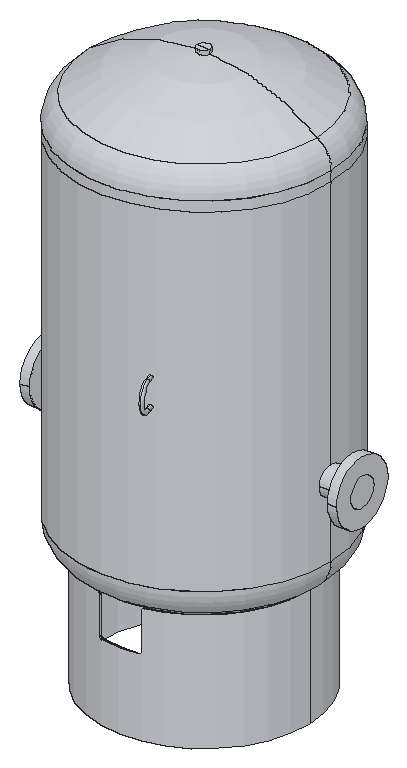
Revit family "CWBT300-4-125", category Mechanical Equipment, Revit 2014
Parameters (values of type "CWBT300-4-125")
  Tank Weight = "753 lbs."
  Tank Volume = "300 Gal"
  Tank Height = "80 3/8\""
  Tank Diameter = "36\""
  Note = "All dimensions and weights are approximate"
  Maximum Acceptance Volume = "N/A"
  Max Operating Temp = "450° F"
  Max Operating Pressure = "125 psi"
  Connector Size = "4\""
Reference planes (in)
  plane 1 "Center (Front/Back)": y = 0
  plane 2: z = 0
  plane 3 "Center (Left/Right)": x = 0
Forms (in)
  Extrusion 1, solid
    sketch origin (0, 0, 0) x (0, 1, 0) y (0, 0, 1)
      loop
        circle (0, 32.125) r 2.013
    from 0 to 22.5
  Extrusion 2, solid
    sketch origin (0, 0, 0) x (0, 1, 0) y (0, 0, 1)
      loop
        circle (0, 32.125) r 2.013
    from 0 to -22.5
  Extrusion 3, solid
    sketch origin (0, 0, 0) x (0, 1, 0) y (0, 0, 1)
      loop
        circle (0, 32.125) r 4.5
    from -21.1875 to -22.5
  Extrusion 4, solid
    sketch origin (0, 0, 0) x (0, 1, 0) y (0, 0, 1)
      loop
        circle (0, 32.125) r 4.5
    from 21.1875 to 22.5
  Extrusion 5, solid
    sketch origin (0, 0, 0) x (1, 0, 0) y (0, 1, 0)
      loop
        circle (0, 0) r 15
      loop
        circle (0, 0) r 14.8125
    from 0 to 17
  Extrusion 6, void
    sketch origin (0, 0, 0) x (1, 0, 0) y (0, 0, 1)
      loop
        arc (-3.4137, 17) -> (-3.12117, 16.87883) -> (-3, 16.5863) r 0.4137
        line (-3, 16.5863) -> (-3, 11.4137)
        arc (-3, 11.4137) -> (-2.87883, 11.12117) -> (-2.5863, 11) r 0.4137
        line (-2.5863, 11) -> (2.5863, 11)
        arc (2.5863, 11) -> (2.87883, 11.12117) -> (3, 11.4137) r 0.4137
        line (3, 11.4137) -> (3, 16.5863)
        arc (3, 16.5863) -> (3.12117, 16.87883) -> (3.4137, 17) r 0.4137
        line (3.4137, 17) -> (-3.4137, 17)
    from 0 to 22
  Extrusion 7, void
    sketch origin (0, 0, 0) x (1, 0, 0) y (0, 0, 1)
      loop
        line (-6, 17) -> (-6, 2.4137)
        arc (-6, 2.4137) -> (-5.87883, 2.12117) -> (-5.5863, 2) r 0.4137
        line (-5.5863, 2) -> (5.5863, 2)
        arc (5.5863, 2) -> (5.87883, 2.12117) -> (6, 2.4137) r 0.4137
        line (6, 2.4137) -> (6, 17) -> (-6, 17)
    from 0 to -22
  Revolve 8, solid
    sketch origin (0, 0, 0) x (1, 0, 0) y (0, 0, 1)
      loop
        line (0, 80.88747) -> (0, 12.12508) -> (0.86995, 12.12508) -> (0.86995, 12.65854)
        arc (0.86995, 12.65854) -> (8.06101, 14.12343) -> (14.8125, 17) r 36.42607
        arc (14.8125, 17) -> (15.50353, 17.46465) -> (16.17999, 17.95027) r 27.14946
        arc (16.17999, 17.95027) -> (17.56016, 19.61914) -> (18.082, 21.72098) r 4.87859
        line (18.082, 21.72098) -> (18.082, 70.01255) -> (18.082, 71.42911)
        arc (18.082, 71.42911) -> (17.55638, 73.46039) -> (16.17999, 75.04403) r 4.57937
        arc (16.17999, 75.04403) -> (8.93532, 78.87388) -> (0.87927, 80.37483) r 27.22942
        line (0.87927, 80.37483) -> (0.87927, 80.88747) -> (0, 80.88747)
      axis (0, 80.88747) -> (0, 12.12508)
    angle from 0 to 360
  Sweep 9, solid
    path origin (0.28232, -0.14569, 0.00841) x (0.321915, -0.946769, 0) y (0, 0, 1)
      loop
        line (17.83546, 48.42089) -> (18.83546, 48.42089)
        arc (18.83546, 48.42089) -> (20.71046, 46.54589) -> (18.83546, 44.67089) r 1.875
        line (18.83546, 44.67089) -> (17.83546, 44.67089)
    profile origin (6.18478, -17.50513, 48.4293) x (0, 0, 1) y (-0.946769, -0.321915, 0)
      loop
        circle (0, 0) r 0.25
Cuts and joins
  Extrusion 6, Extrusion 7 cuts Extrusion 5
Dimensions and locks (in)
  aligned and locked: level to plane 2
